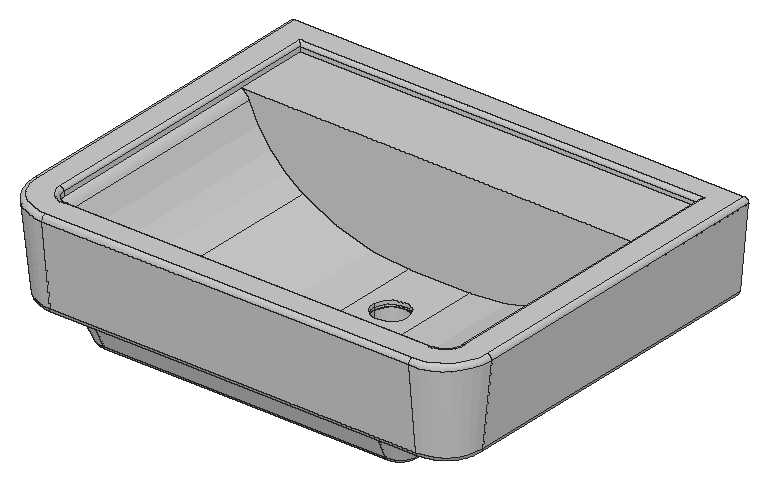
Revit family "NLRS_74_PF_UN_wastafel_S8310310000_SPHINX_BCB", category Plumbing Fixtures, Revit 2016
Family settings
  Part Type = Normal
  Round Connector Dimension = Use Radius
  OmniClass Number = 23.45.00.00
  OmniClass Title = Sanitary, Laundry, and Cleaning Equipment
  Work Plane-Based = No
  Always vertical = Yes
  Cut with Voids When Loaded = No
  Shared = No
  Room Calculation Point = No
Parameters
  NLRS_C_type = "Wastafel met kraangat en zonder overloop"
  NLRS_C_serie = "320"
  NLRS_C_revit_versie = "2016"
  NLRS_C_content_versie = "2.0"
  NLRS_C_content_provider = "BouwConnect"
  NLRS_C_content_datum_uitgifte = "APR-2018"
  NLRS_C_content_datum_gewijzigd = "APR-2018"
  NLRS_C_content_creator = "BouwConnect"
  NLRS_C_URL_product_data = "http://www.sphinx.nl/producten/wastafels-%7C-fonteinen/wastafels/sphinx-320-%7C-wastafel-60-cm/28685/"
  afvoer_radius = 22.5 mm
  WFU = 0
  URL = "http://www.sphinx.nl/"
  Type Comments = ""
  NLRS_S_gewicht = 19.00 kg
  NLRS_C_materiaal = none
  NLRS_C_lengte = 480 mm
  NLRS_C_hoogte = 195 mm
  NLRS_C_diameter_uit = 45 mm
  NLRS_C_diameter_in = 35 mm
  NLRS_C_breedte = 600 mm
  Model = ""
  Manufacturer = "Sphinx"
  Keynote = ""
  IfcTypeProduct = "IfcSanitaryTerminalType"
  IfcExportType = "SINK"
  IfcExportAs = "IfcSanitaryTerminalTypeEnum"
  IfcElement = "IfcFlowTerminal"
  NLRS_C_code_EAN = "8711754407695"
  Description = "wastafel"
  NLRS_C_URL_BCB = "http://bcb-online.nl/?zoekterm=Sphinx+++%5bGeberit+B.V.%5d"
  Assembly Code = "47.11"
Reference planes
  plane 1 "Center (Front/Back)": y = 0
  plane 2: z = 0
  plane 3 "Center (Left/Right)": x = 0
Forms (mm)
  Sweep 1, solid, material "bcb_porselein", detail levels medium+fine
    path origin (0, 0, 0) x (1, 0, 0) y (0, 1, 0)
      loop
        line (-299.965, 0) -> (-299.965, -420)
        arc (-299.965, -420) -> (-282.392, -462.426) -> (-239.965, -480) r 60
        line (-239.965, -480) -> (240.035, -480)
        arc (240.035, -480) -> (282.461, -462.426) -> (300.035, -420) r 60
        line (300.035, -420) -> (300.035, 0)
    profile origin (-299.965, -210, 0) x (1, 0, 0) y (0, 0, 1)
      loop
        arc (6.022, 0) -> (1.76, -1.777) -> (0.023, -6.056) r 6
        arc (0.023, -6.056) -> (3.224, -60.155) -> (11.789, -113.667) r 544.353
        arc (11.789, -113.667) -> (14.579, -118.226) -> (19.616, -120.011) r 8
        line (19.616, -120.011) -> (40.016, -120.011) -> (40.016, -10) -> (30.016, -10) -> (30.016, 0) -> (6.022, 0)
  Extrusion 2, solid, material "bcb_porselein", detail levels medium+fine
    sketch origin (0, 0, 0) x (1, 0, 0) y (0, 1, 0)
      loop
        line (-259.949, -130) -> (260.019, -130) -> (260.019, 0) -> (-259.949, 0) -> (-259.949, -130)
    from -120.011 to -10
  Extrusion 3, void
    sketch origin (0, -50, 0) x (1, 0, 0) y (0, 1, 0)
      loop
        circle (0, -160) r 22.5
    from -210.292 to -76.605
  Revolve 4, solid, material "bcb_porselein", detail levels medium+fine
    sketch origin (0, -210, -24.836) x (1, 0, 0) y (0, 0, 1)
      loop
        line (-18.358, -165.164) -> (-18.358, -128.644) -> (-78.313, -128.644) -> (-43.03, -132.245)
        arc (-43.03, -132.245) -> (-37.594, -135.135) -> (-35.288, -140.843) r 9
        line (-35.288, -140.843) -> (-34.507, -163.215)
        arc (-34.507, -163.215) -> (-33.891, -164.597) -> (-32.488, -165.164) r 2.02
        line (-32.488, -165.164) -> (-18.358, -165.164)
      axis (0, -128.644) -> (0, -165.164)
    angle from 0 to 360
  Extrusion 5, solid, material "bcb_porselein", detail levels medium+fine
    sketch origin (1000, 0, 0) x (1, 0, 0) y (0, 0, 1)
      loop
        arc (-1039.66, -145.359) -> (-1112.195, -135.252) -> (-1179.205, -105.702) r 265.344
        arc (-1179.205, -105.702) -> (-1221.149, -69.174) -> (-1249.215, -21.154) r 171.682
        arc (-1249.215, -21.154) -> (-1253.451, -14.489) -> (-1259.949, -10) r 19.874
        line (-1259.949, -10) -> (-1262.114, -15.056)
        arc (-1262.114, -15.056) -> (-1257.414, -18.303) -> (-1254.35, -23.123) r 14.374
        arc (-1254.35, -23.123) -> (-1225.385, -72.682) -> (-1182.097, -110.38) r 177.182
        arc (-1182.097, -110.38) -> (-1113.698, -140.543) -> (-1039.66, -150.859) r 270.844
        line (-1039.66, -150.859) -> (-960.34, -150.859)
        arc (-960.34, -150.859) -> (-886.302, -140.543) -> (-817.903, -110.38) r 270.844
        arc (-817.903, -110.38) -> (-774.615, -72.682) -> (-745.65, -23.123) r 177.182
        arc (-745.65, -23.123) -> (-742.586, -18.303) -> (-737.886, -15.056) r 14.374
        line (-737.886, -15.056) -> (-740.051, -10)
        arc (-740.051, -10) -> (-746.549, -14.489) -> (-750.785, -21.154) r 19.874
        arc (-750.785, -21.154) -> (-778.851, -69.174) -> (-820.795, -105.702) r 171.682
        arc (-820.795, -105.702) -> (-887.805, -135.252) -> (-960.34, -145.359) r 265.344
        line (-960.34, -145.359) -> (-1039.66, -145.359)
    from 130 to 439.984
  Sweep 6, solid, material "bcb_porselein", detail levels medium+fine
    path origin (0, 0, 0) x (1, 0, 0) y (0, 1, 0)
      loop
        arc (-269.949, -420) -> (-261.167, -441.202) -> (-239.965, -449.984) r 29.984
        line (-239.965, -449.984) -> (240.035, -449.984)
        arc (240.035, -449.984) -> (261.236, -441.202) -> (270.019, -420) r 29.984
        line (270.019, -420) -> (270.019, -23) -> (-269.949, -23) -> (-269.949, -420)
    profile origin (-269.949, -221.5, 0) x (-1, 0, 0) y (0, 0, 1)
      loop
        line (0, 0) -> (-5, 0)
        arc (-5, 0) -> (-8.536, -1.464) -> (-10, -5) r 5
        line (-10, -5) -> (-10, -10) -> (0, -10) -> (0, 0)
  Extrusion 7, solid, material "bcb_porselein", detail levels medium+fine
    sketch origin (-1000, 0, 0) x (1, 0, 0) y (0, 1, 0)
      loop
        line (1270.019, -23) -> (1270.019, 0) -> (730.051, 0) -> (730.051, -23) -> (1270.019, -23)
    from -10 to 0
  Extrusion 8, solid, material "bcb_porselein", detail levels medium+fine
    sketch origin (-2000, 0, 0) x (1, 0, 0) y (0, 0, 1)
      loop
        arc (1774.847, -158.842) -> (1777.583, -163.581) -> (1782.725, -165.453) r 8
        line (1782.725, -165.453) -> (1808.288, -165.453)
        arc (1808.288, -165.453) -> (1812.533, -165.156) -> (1816.696, -164.271) r 30.505
        line (1816.696, -164.271) -> (1823.33, -162.369)
        arc (1823.33, -162.369) -> (1830.08, -160.934) -> (1836.964, -160.453) r 49.462
        line (1836.964, -160.453) -> (1864.284, -160.453)
        arc (1864.284, -160.453) -> (2000.035, -153.636) -> (2135.785, -160.453) r 1355
        line (2135.785, -160.453) -> (2163.106, -160.453)
        arc (2163.106, -160.453) -> (2169.99, -160.934) -> (2176.739, -162.369) r 49.462
        line (2176.739, -162.369) -> (2183.373, -164.271)
        arc (2183.373, -164.271) -> (2187.536, -165.156) -> (2191.782, -165.453) r 30.505
        line (2191.782, -165.453) -> (2217.344, -165.453)
        arc (2217.344, -165.453) -> (2222.486, -163.581) -> (2225.222, -158.842) r 8
        line (2225.222, -158.842) -> (2232.069, -120.011) -> (1768, -120.011) -> (1774.847, -158.842)
    from 0 to 20
  Sweep 9, solid, material "bcb_porselein", detail levels medium+fine
    path origin (0, 1.016, 0) x (1, 0, 0) y (0, 1, 0)
      loop
        line (219.519, -21.016) -> (219.519, -426)
        arc (219.519, -426) -> (209.267, -450.749) -> (184.519, -461) r 35
        line (184.519, -461) -> (-184.449, -461)
        arc (-184.449, -461) -> (-209.198, -450.749) -> (-219.449, -426) r 35
        line (-219.449, -426) -> (-219.449, -21.016)
    profile origin (-219.449, -222.492, 0) x (-1, 0, 0) y (0, 0, 1)
      loop
        line (1.537, -120.011) -> (-20, -120.011) -> (-20, -152.346) -> (-18.637, -152.346)
        arc (-18.637, -152.346) -> (-14.339, -151.093) -> (-11.387, -147.727) r 8
        line (-11.387, -147.727) -> (1.537, -120.011)
  Extrusion 10, solid, material "bcb_porselein", detail levels medium+fine
    sketch origin (5, 0, 0) x (1, 0, 0) y (0, 1, 0)
      loop
        arc (179.519, -439.984) -> (190.125, -435.59) -> (194.519, -424.984) r 15
        line (194.519, -424.984) -> (194.519, -20) -> (-204.449, -20) -> (-204.449, -424.984)
        arc (-204.449, -424.984) -> (-200.056, -435.59) -> (-189.449, -439.984) r 15
        line (-189.449, -439.984) -> (179.519, -439.984)
    from -152.346 to -150
  Extrusion 11, solid, material "bcb_porselein", detail levels medium+fine
    sketch origin (0, 0, 0) x (1, 0, 0) y (0, 1, 0)
      loop
        arc (-259.949, -419.984) -> (-254.091, -434.126) -> (-239.949, -439.984) r 20
        line (-239.949, -439.984) -> (-164.949, -439.984) -> (-164.949, -97.023) -> (-259.949, -97.023) -> (-259.949, -419.984)
    from -120.011 to -118
  Extrusion 12, solid, material "bcb_porselein", detail levels medium+fine
    sketch origin (0.069, 0, 0) x (-1, 0, 0) y (0, -1, 0)
      loop
        line (-259.949, 419.984) -> (-259.949, 97.023) -> (-164.949, 97.023) -> (-164.949, 439.984) -> (-239.949, 439.984)
        arc (-239.949, 439.984) -> (-254.091, 434.126) -> (-259.949, 419.984) r 20
    from -120.011 to -118
  Extrusion 13, solid, not visible
    sketch origin (-22.5, -50, 0) x (1, 0, 0) y (0, 1, 0)
      loop
        circle (22.5, -160) r 22.5
    from -190 to -188
  Extrusion 14, solid, material "bcb_porselein", detail levels medium+fine
    sketch origin (0, 0, 0) x (1, 0, 0) y (0, 1, 0)
      loop
        line (199.519, -20) -> (-199.449, -20) -> (-199.449, -130) -> (199.519, -130) -> (199.519, -20)
    from -145.359 to -90
  Extrusion 15, solid, material "bcb_porselein", detail levels coarse
    sketch origin (0, 0, 0) x (1, 0, 0) y (0, 1, 0)
      loop
        line (-299.943, 0) -> (-299.943, -459.984)
        arc (-299.943, -459.984) -> (-294.085, -474.126) -> (-279.943, -479.984) r 20
        line (-279.943, -479.984) -> (280.012, -479.984)
        arc (280.012, -479.984) -> (294.154, -474.126) -> (300.012, -459.984) r 20
        line (300.012, -459.984) -> (300.012, 0) -> (-299.943, 0)
    from -120.011 to 0
  Extrusion 16, void
    sketch origin (0, 0, 0) x (1, 0, 0) y (0, 1, 0)
      loop
        line (-259.949, -130) -> (-259.949, -419.984)
        arc (-259.949, -419.984) -> (-254.091, -434.126) -> (-239.949, -439.984) r 20
        line (-239.949, -439.984) -> (240.019, -439.984)
        arc (240.019, -439.984) -> (254.161, -434.126) -> (260.019, -419.984) r 20
        line (260.019, -419.984) -> (260.019, -130) -> (-259.949, -130)
    from -100 to 20
Cuts and joins
  Extrusion 3 cuts Sweep 1
  Extrusion 3 cuts Extrusion 2
  Extrusion 3 cuts Extrusion 7
  Extrusion 3 cuts Extrusion 8
  Extrusion 3 cuts Extrusion 11
  Extrusion 3 cuts Extrusion 12
  joined: Sweep 1, Extrusion 2, Sweep 6, Extrusion 7, Extrusion 8, Extrusion 11, Extrusion 12, Extrusion 14
  Extrusion 3 cuts Revolve 4
  Extrusion 3 cuts Extrusion 5
  Extrusion 3 cuts Sweep 9
  Extrusion 3 cuts Extrusion 10
  joined: Sweep 9, Extrusion 10
  Extrusion 16 cuts Extrusion 15
Dimensions and locks
  aligned and locked: level to plane 2
Connectors
  piping at (0, -210, -190), diameter 45, driven by "WFU", driven by "afvoer_radius"
    settings: on Extrusion 13, index 1, connector inside diameter 45 mm, connector length 0 mm, flow factor 0, pipe flow 0.0 L/s, pressure drop 0.0 Pa, fitting loss kfactor 0, connector angle 0.00°, fixture units 0, engagement length 0 mm, angle of deflection 0.00°, flow configuration 3, flow direction 2, fitting loss method 0, system type 16, joint type 0, gender type 0, connector reference index -1, connector utility 0, adjustable connector no, is connector primary yes, connector description "out"
